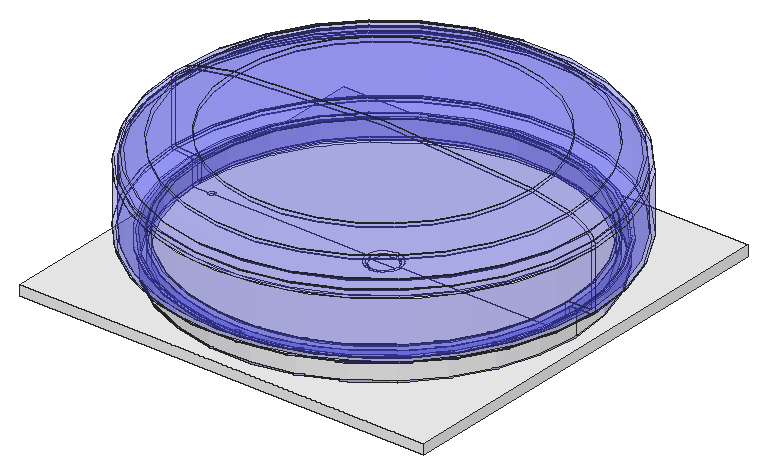
Revit family "BE_50736_de_DE", category Leuchten, Revit 2020
Family settings
  Basisbauteil = Fläche
  Bemaßung runder Anschluss = Durchmesser verwenden
  Teiletyp = Normal
  Beim Laden mit Abzugskörper schneiden = Ja
  Lichtquelle = Ja
  Gemeinsam genutzt = Nein
  Raumberechnungspunkt = Ja
Parameters (values of type "BEGA_50736_K4")
  built-in parameter 1150104 = 12.859 (stored number, unit not read)
  Wattage = 27.6 W
  Default Elevation = 0 mm
  built-in parameter 1150113 = 1 (stored number, unit not read)
  built-in parameter 1114218 = 1 (stored number, unit not read)
  Umgebungstemperatur = "25 °C"
  URL = "https://www.bega.com/de/produkt/50736"
  Typenkommentare = "© 2023 BEGA. Wir behalten uns das Recht vor, technische Änderungen ohne vorherige Ankündigung vorzunehmen."  # constant formula
  built-in parameter 1150134 = 12
  built-in parameter 1150109 = 1 (stored number, unit not read)
  Strom = ""
  built-in parameter 1150110 = 1 (stored number, unit not read)
  Spannung = 239.996 V
  Sonderanfertigung = no
  Seriennummer [instance] = "Hier können Sie die eindeutige Seriennummer für das Facility Management eintragen."
  Schutzklasse = "I"
  Schutzart = "IP 20"
  Scheinlast = 0 VA
  Produktdatenblatt = "https://cdn.bega.com/bega/products/50736K27/current/documents/data-sheets/de"
  Neigungswinkel = 0.00°
  Modell = "50736K4"
  Material_11 = BEGA_Glas_opal
  Material_03 = BEGA_Oberfläche_Weiss_matt
  M_W = no
  M_G = no
  M_A = no
  Logo = 0
  built-in parameter 1114217 = 1 (stored number, unit not read)
  built-in parameter 1150139 = (empty or 0)
  built-in parameter 1150105 = 808.72 (stored number, unit not read)
  built-in parameter 1150114 = 1 (stored number, unit not read)
  Lumens = 3820.12 lm
  built-in parameter 1150115 = 1 (stored number, unit not read)
  Leuchtenlichtstrom = "2504 lm"
  Leuchtenanzahl = ""
  Lebensdauerkriterien = "L70B50 @ 25 °C = 200000 h"
  Lastklassifizierung = Beleuchtung
  built-in parameter 1150112 = 1 (stored number, unit not read)
  Lampenlichtstrom = "3820 lm"
  Lampe = "LED 27.6 W"
  LED_Modulbezeichnung = "LED-0630/940"
  Hersteller = "BEGA"  # constant formula
  Halbstreuwinkel = ""
  Gewicht = "4.15 kg"
  Frequenz = "50/60 Hz"
  Farbwiedergabeindex = "CRI > 90"
  Farbtemperaturverschiebung bei Dämpfen der Lampe = <Keine Auswahl>
  Farbtemperatur = "4000 K"
  Color Filter = 16777215
  built-in parameter 1150133 = 10 (stored number, unit not read)
  Energieeffizienzklasse = "LED A++ - A"
  built-in parameter 1150137 = (empty or 0)
  built-in parameter 1150132 = (empty or 0)
  ENEC = "ja"
  Dimmbar [instance] = "on/off"
  Datei für fotometrisches Netz = "BE_50736K4_Notbetrieb.IES"
  CE_Konformität = "ja"
  Bestellnummer = "50736K4"
  Beschreibung_Sonderanfertigung = "Hier können Sie Informationen zur Sonderanfertigung eintragen."
  Beschreibung = "Decken- und Wandleuchte"
  built-in parameter 1150106 = 8.0872 (stored number, unit not read)
  Befestigungsbohrung = "Ø 6 mm"
  Befestigungsabstand = "340 mm"
  BEGA_Intern_aus = yes
  BEGA_Intern_an = yes
  BEGA_Intern_Konstruktion = yes
  BEGA_Intern = yes
  BEGA_IES = yes
  BEGA_Dummy = no
  Anschlussleistung [instance] = "33.5 W"
  Anschlusskasten = ""
  built-in parameter 1150107 = 4000 (stored number, unit not read)
  built-in parameter 1150102 = (empty or 0)
  built-in parameter 1150138 = (empty or 0)
  Aktualisierung = "2023-08-23T04:00:04"
  AC/DC = "AC"
Types (3, lengths in mm): name | built-in parameter 1150104 | built-in parameter 1150134 | Modell | built-in parameter 1150105 | Lumens | Leuchtenlichtstrom | Lampenlichtstrom | LED_Modulbezeichnung | Farbtemperatur | Datei für fotometrisches Netz | Bestellnummer | built-in parameter 1150106 | built-in parameter 1150107
  BEGA_50736_K27 | 14.019 (stored number, unit not read) | (empty or 0) | "50736K27" | 4164.8 (stored number, unit not read) | 4164.84 lm | "2730 lm" | "4165 lm" | "LED-0630/927" | "2700 K" | "BE_50736K27_Notbetrieb.ies" | "50736K27" | 41.648 (stored number, unit not read) | 2700 (stored number, unit not read)
  BEGA_50736_K3 | 14.491 (stored number, unit not read) | (empty or 0) | "50736K3" | 342.58 (stored number, unit not read) | 4305.05 lm | "2822 lm" | "4305 lm" | "LED-0630/930" | "3000 K" | "BE_50736K3_Notbetrieb.IES" | "50736K3" | 3.4258 (stored number, unit not read) | 3000 (stored number, unit not read)
  BEGA_50736_K4 | 12.859 (stored number, unit not read) | 12 | "50736K4" | 808.72 (stored number, unit not read) | 3820.12 lm | "2504 lm" | "3820 lm" | "LED-0630/940" | "4000 K" | "BE_50736K4_Notbetrieb.IES" | "50736K4" | 8.0872 (stored number, unit not read) | 4000 (stored number, unit not read)
Reference planes
  plane 1 "Mitte (Vorne/Hinten)": y = 0
  plane 2: z = 0
  plane 3 "Mitte (Links/Rechts)": x = 0
  plane 4 "Links": x = -210
  plane 5 "Rechts": x = 210
  plane 6 "Unten": y = -210
  plane 7 "Oben": y = 210
  plane 8 "Vorne": z = 127.8
  plane 9 "Hinten": z = 0
Forms (mm)
  Extrusion 1, solid, material "BEGA_Platte_Weiss"
    sketch origin (0, -1119.2, 0) x (1, 0, 0) y (0, 1, 0)
      loop
        line (-200, 1319.2) -> (-200, 919.2) -> (200, 919.2) -> (200, 1319.2) -> (-200, 1319.2)
    from 0 to -10
  Extrusion 2, solid, material "BEGA_Dummy_matt", visible <- "BEGA_Dummy"
    sketch origin (77.149, -76.023, 0) x (1, 0, 0) y (0, 1, 0)
      loop
        circle (-77.149, 76.023) r 210
    from 0 to 127.8
Dimensions and locks
  plane 1 "Mitte (Vorne/Hinten)" to Extrusion 1 = 200 mm
  aligned and locked: plane 2 to Extrusion 1
  aligned and locked: level to Extrusion 1
Nested families
  nested 1: "BE_50736" at (0, 0, 0) x (0, -1, 0) z (0, 0, 1), type "BE_50736"
Connectors
  electrical at (0, 0, 0), driven by "Lastklassifizierung", driven by "Spannung", driven by "Scheinlast"
    settings: index 1, voltage 239.996 V, apparent load 0 VA, apparent load phase1 0 VA, apparent load phase2 0 VA, apparent load phase3 0 VA, power factor 1, load classification "Beleuchtung", number of poles 1, system type 31, power factor state 1, is connector primary yes, connector utility no, sub classification motor no, connector description ""
Definition of nested family "BE_50736"
  Parameters (values of type "BE_50736")
    Default Elevation = 1 mm
    URL = "http://www.bega.de/de/produkt"
    Type Comments = "© 2015 BEGA. Wir behalten uns das Recht vor, technische Änderungen ohne vorherige Ankündigung vorzunehmen. "  # constant formula
    Type Image = (empty or 0)
    Neigungswinkel_um_Z2 = 0.00°
    Neigungswinkel_um_Z1 = 0.00°
    Neigungswinkel_um_Y2 = 0.00°
    Neigungswinkel_um_Y1 = 0.00°
    Neigungswinkel_um_X2 = 0.00°
    Neigungswinkel_um_X1 = 0.00°
    Material_11 = none
    Material_03 = none
    M_W = yes
    M_G = yes
    M_A = yes
    Länge_Platte = 600 mm  # constant formula
    Höhe_Platte = -10 mm  # constant formula
    Manufacturer = "BEGA"  # constant formula
    Drehwinkel_um_Z2 = 0.00°
    Drehwinkel_um_Z1 = 0.00°
    Breite_Platte = 600 mm  # constant formula
  Reference planes
    plane 1 "Mitte (Oben/Unten)": y = 0
    plane 2: z = 0
    plane 3 "Mitte (Links/Rechts)": x = 0
    plane 4: y = 210
    plane 5: z = 127.8
    plane 6: y = -210
    plane 7: x = -210
    plane 8: x = 210
  Forms (mm)
    Extrusion 1, solid, detail levels medium
      sketch origin (0, 0, 0) x (1, 0, 0) y (0, 1, 0)
        loop
          line (-300, 300) -> (-300, -300) -> (300, -300) -> (300, 300) -> (-300, 300)
      from 0 to -10 <- "Höhe_Platte"
    Revolve 2, solid, material <- "Material_03", detail levels medium+fine
      sketch origin (0, 0, 0) x (0, 1, 0) y (0, 0, 1)
        loop
          arc (16.416, 3.3) -> (15.11, 2.929) -> (14.191, 1.93) r 2.5
          arc (14.191, 1.93) -> (13.639, 1.325) -> (12.852, 1.1) r 1.5
          line (12.852, 1.1) -> (0.002, 1.1) -> (0.002, 0.1) -> (13.076, 0.1)
          arc (13.076, 0.1) -> (14.387, 0.471) -> (15.313, 1.475) r 2.5
          arc (15.313, 1.475) -> (15.866, 2.077) -> (16.653, 2.3) r 1.5
          line (16.653, 2.3) -> (188.667, 2.3)
          arc (188.667, 2.3) -> (190.064, 2.868) -> (190.667, 4.25) r 2
          line (190.667, 4.25) -> (191.038, 25.509)
          arc (191.038, 25.509) -> (191.277, 26.071) -> (191.842, 26.3) r 0.8
          line (191.842, 26.3) -> (194, 26.3) -> (194, 27.3) -> (191.844, 27.3)
          arc (191.844, 27.3) -> (190.578, 26.786) -> (190.038, 25.531) r 1.8
          line (190.038, 25.531) -> (189.667, 4.275)
          arc (189.667, 4.275) -> (189.365, 3.584) -> (188.667, 3.3) r 1
          line (188.667, 3.3) -> (16.416, 3.3)
        axis (0.002, 0.1) -> (0.002, 27.3)
      angle from 0 to 360
    Revolve 3, solid, material <- "Material_03", detail levels medium+fine
      sketch origin (87.5, 0, 0) x (0, 1, 0) y (0, 0, 1)
        loop
          line (151.554, 0) -> (151.554, 2.691) -> (145.799, 2.691)
          arc (145.799, 2.691) -> (148.377, 0.706) -> (151.554, 0) r 7.5
        axis (151.554, 2.691) -> (151.554, 0)
      angle from 0 to 360
    Extrusion 4, void
      sketch origin (0, 0, 0) x (1, 0, 0) y (0, 1, 0)
        loop
          circle (163, 18) r 8.5
        loop
          circle (163, -18) r 8.5
        loop
          circle (0, 170) r 3
        loop
          circle (0, -170) r 3
      from 0 to 7.205
    Revolve 5, solid, material <- "Material_11", detail levels medium+fine
      sketch origin (0, 0, 0) x (0, 1, 0) y (0, 0, 1)
        loop
          arc (185.037, 111.947) -> (166.501, 116.443) -> (147.656, 119.387) r 230
          arc (147.656, 119.387) -> (73.948, 125.695) -> (0, 127.8) r 1299.91
          line (0, 127.8) -> (0, 123.8)
          arc (0, 123.8) -> (73.763, 121.699) -> (147.287, 115.403) r 1295.91
          arc (147.287, 115.403) -> (165.775, 112.509) -> (183.961, 108.094) r 226
          arc (183.961, 108.094) -> (193.162, 104.323) -> (201.339, 98.662) r 46
          arc (201.339, 98.662) -> (203.744, 95.883) -> (205.275, 92.542) r 13
          arc (205.275, 92.542) -> (205.818, 90.189) -> (206, 87.78) r 16
          line (206, 87.78) -> (206, 32.958) -> (182.901, 31.748)
          arc (182.901, 31.748) -> (180.841, 30.798) -> (180, 28.691) r 3.061
          line (180, 28.691) -> (180, 10.3) -> (184, 10.3) -> (184, 26.851)
          arc (184, 26.851) -> (184.275, 27.539) -> (184.948, 27.85) r 1
          line (184.948, 27.85) -> (207.172, 29.014)
          arc (207.172, 29.014) -> (209.181, 29.95) -> (210, 32.009) r 3
          line (210, 32.009) -> (210, 87.839)
          arc (210, 87.839) -> (209.678, 91.376) -> (208.735, 94.8) r 20
          arc (208.735, 94.8) -> (206.78, 98.538) -> (203.964, 101.679) r 17
          arc (203.964, 101.679) -> (195.06, 107.844) -> (185.037, 111.947) r 50
        axis (0, 127.8) -> (0, 10.3)
      angle from 0 to 360
    Revolve 6, solid, material <- "Material_03", detail levels medium+fine
      sketch origin (-43.75, -75.777, 0) x (0.866025, -0.5, 0) y (0, 0, 1)
        loop
          line (151.554, 0) -> (151.554, 2.691) -> (145.799, 2.691)
          arc (145.799, 2.691) -> (148.377, 0.706) -> (151.554, 0) r 7.5
        axis (151.554, 2.691) -> (151.554, 0)
      angle from 0 to 360
    Revolve 7, solid, material <- "Material_03", detail levels medium+fine
      sketch origin (-43.75, 75.777, 0) x (-0.866025, -0.5, 0) y (0, 0, 1)
        loop
          line (151.554, 0) -> (151.554, 2.691) -> (145.799, 2.691)
          arc (145.799, 2.691) -> (148.377, 0.706) -> (151.554, 0) r 7.5
        axis (151.554, 2.691) -> (151.554, 0)
      angle from 0 to 360
  Cuts and joins
    Extrusion 4 cuts Revolve 2
    Extrusion 4 cuts Revolve 3
    joined: Revolve 2, Revolve 3, Revolve 6, Revolve 7
  Dimensions and locks
    equal spacing: Extrusion 1 sketch curve, plane 3 "Mitte (Links/Rechts)", Extrusion 1 sketch curve
    equal spacing: Extrusion 1 sketch curve, plane 1 "Mitte (Oben/Unten)", Extrusion 1 sketch curve
    "Länge_Platte": Extrusion 1 sketch curve to Extrusion 1 sketch curve
    "Breite_Platte": Extrusion 1 sketch curve to Extrusion 1 sketch curve
    aligned and locked: Extrusion 1 to plane 2
    aligned and locked: Extrusion 1 to level
  Automatic sketch dimensions
    Revolve 2 sketch curve to Revolve 2 sketch curve = 0 mm  (x14)
    level to Revolve 2 sketch curve = 2.6 mm
    Revolve 2 sketch curve to plane 1 "Mitte (Oben/Unten)" = 12.849 mm
    Revolve 2 sketch curve to Revolve 2 sketch curve = 0.003 mm
    Revolve 2 sketch curve to Revolve 2 sketch curve = 0.227 mm
    Revolve 2 sketch curve to Revolve 2 sketch curve = 3.34 mm
    level to Revolve 2 sketch curve = 0.8 mm
    Revolve 2 sketch curve to Revolve 2 sketch curve = 0.005 mm
    Revolve 2 sketch curve to Revolve 2 sketch curve = 0.236 mm
    level to Revolve 2 sketch curve = 3.3 mm
    level to Revolve 2 sketch curve = 4.275 mm
    Revolve 2 sketch curve to Revolve 2 sketch curve = 1 mm  (x6)
    level to Revolve 2 sketch curve = 4.25 mm
    Revolve 2 sketch curve to Revolve 2 sketch curve = 0.8 mm
    Revolve 2 sketch curve to Revolve 2 sketch curve = 0.004 mm  (x2)
    Revolve 2 sketch curve to Revolve 2 sketch curve = 0.002 mm
    Revolve 2 sketch curve to Revolve 2 sketch curve = 2.158 mm
    level to Revolve 2 sketch curve = 0.1 mm
    Revolve 2 sketch curve to Revolve 2 sketch curve = 21.25 mm
    Revolve 2 sketch curve to Revolve 2 sketch curve = 0.009 mm
    Revolve 2 sketch curve to plane 1 "Mitte (Oben/Unten)" = 0.002 mm
    Revolve 2 sketch curve to Revolve 2 sketch curve = 1.118 mm
    Revolve 3 sketch curve to Revolve 3 sketch curve = 0 mm  (x3)
    Revolve 3 sketch curve to Revolve 3 sketch curve = 4.809 mm
    Revolve 3 sketch curve to Revolve 3 sketch curve = 2.309 mm
    Revolve 3 sketch curve to Revolve 3 sketch curve = 5.756 mm
    Revolve 6 sketch curve to Revolve 6 sketch curve = 0 mm  (x3)
    Revolve 6 sketch curve to Revolve 6 sketch curve = 4.809 mm
    Revolve 6 sketch curve to Revolve 6 sketch curve = 2.309 mm
    Revolve 6 sketch curve to Revolve 6 sketch curve = 5.756 mm
    Revolve 7 sketch curve to Revolve 7 sketch curve = 0 mm  (x3)
    Revolve 7 sketch curve to Revolve 7 sketch curve = 4.809 mm
    Revolve 7 sketch curve to Revolve 7 sketch curve = 2.309 mm
    Revolve 7 sketch curve to Revolve 7 sketch curve = 5.756 mm
    Revolve 3 sketch curve to level = 0 mm
    Revolve 6 sketch curve to level = 0 mm
    level to Revolve 7 sketch curve = 0 mm
    plane 1 "Mitte (Oben/Unten)" to Extrusion 4 sketch curve = 18 mm
    Extrusion 4 sketch curve to plane 1 "Mitte (Oben/Unten)" = 18 mm
    Revolve 5 sketch curve to Revolve 5 sketch curve = 0 mm  (x18)
    plane 1 "Mitte (Oben/Unten)" to Revolve 5 sketch curve = 0 mm
    Revolve 5 sketch curve to plane 1 "Mitte (Oben/Unten)" = 0.006 mm
    Revolve 5 sketch curve to Revolve 5 sketch curve = 2.901 mm
    Revolve 5 sketch curve to Revolve 5 sketch curve = 3.061 mm
    Revolve 5 sketch curve to Revolve 5 sketch curve = 4 mm  (x3)
    Revolve 5 sketch curve to Revolve 5 sketch curve = 1 mm  (x2)
    Revolve 5 sketch curve to Revolve 5 sketch curve = 2.81 mm
    Revolve 5 sketch curve to Revolve 5 sketch curve = 13.19 mm
    Revolve 5 sketch curve to Revolve 5 sketch curve = 0.172 mm
    Revolve 5 sketch curve to level = 1172.111 mm
    Revolve 5 sketch curve to level = 109.132 mm
    level to Revolve 5 sketch curve = 10.3 mm
    Revolve 5 sketch curve to Revolve 5 sketch curve = 16.551 mm
    Revolve 5 sketch curve to Revolve 5 sketch curve = 1.84 mm
    Revolve 5 sketch curve to Revolve 5 sketch curve = 2.163 mm
    Revolve 5 sketch curve to Revolve 5 sketch curve = 2.995 mm
    Revolve 5 sketch curve to Revolve 5 sketch curve = 0.949 mm
    Revolve 5 sketch curve to Revolve 5 sketch curve = 32.146 mm
    Revolve 5 sketch curve to Revolve 5 sketch curve = 0.02 mm
    Revolve 5 sketch curve to Revolve 5 sketch curve = 0.059 mm
    Revolve 5 sketch curve to Revolve 5 sketch curve = 1.05 mm
    Revolve 5 sketch curve to Revolve 5 sketch curve = 0.369 mm
    Revolve 5 sketch curve to Revolve 5 sketch curve = 6.039 mm
    Revolve 5 sketch curve to Revolve 5 sketch curve = 0.052 mm
    Revolve 5 sketch curve to Revolve 5 sketch curve = 2.626 mm
    Revolve 5 sketch curve to Revolve 5 sketch curve = 3.46 mm
    Revolve 5 sketch curve to Revolve 5 sketch curve = 23.886 mm
    level to Revolve 5 sketch curve = 123.8 mm
    Revolve 5 sketch curve to Revolve 5 sketch curve = 1.076 mm
    Revolve 5 sketch curve to Revolve 5 sketch curve = 4.661 mm
    Revolve 5 sketch curve to Revolve 5 sketch curve = 0.725 mm
    Revolve 5 sketch curve to Revolve 5 sketch curve = 6.968 mm
    Revolve 2 sketch curve to Revolve 2 sketch curve = 172.015 mm
    Revolve 2 sketch curve to Revolve 2 sketch curve = 0.371 mm
    Revolve 3 sketch curve to plane 1 "Mitte (Oben/Unten)" = 145.799 mm
    Revolve 5 sketch curve to plane 1 "Mitte (Oben/Unten)" = 121.603 mm
    Revolve 5 sketch curve to plane 1 "Mitte (Oben/Unten)" = 171.218 mm
    Revolve 5 sketch curve to Revolve 5 sketch curve = 8.782 mm
    Revolve 5 sketch curve to Revolve 5 sketch curve = 18.782 mm
    Revolve 5 sketch curve to Revolve 5 sketch curve = 36.674 mm
    Extrusion 4 sketch curve to plane 3 "Mitte (Links/Rechts)" = 0 mm  (x2)
    plane 3 "Mitte (Links/Rechts)" to Extrusion 4 sketch curve = 163 mm
    Extrusion 4 sketch curve to Extrusion 4 sketch curve = 0 mm
    plane 6 to Extrusion 4 sketch curve = 40 mm
    plane 4 to Extrusion 4 sketch curve = 40 mm
    radius of Extrusion 4 sketch curve = 8.5 mm  (x2)
    radius of Extrusion 4 sketch curve = 3 mm  (x2)
